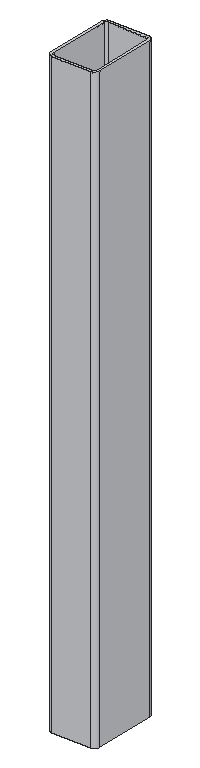
Revit family "StructuralColumns_BoxProfile", category Structural Columns, Revit 2018
Family settings
  Section Shape = Rectangular HSS
  Material for Model Behavior = Steel
  Always export as geometry = No
  Beam cutback in plan = From bounding box
  Cut with Voids When Loaded = No
  Symbolic Representation = From Project Settings
  Shared = No
  Show family pre-cut in plan views = Yes
Parameters (values of type "BoxProfile")
  Width = 200 mm
  Wall Nominal Thickness = 10 mm
  Structural Material [instance] = none
  Outer Fillet = 20 mm
  Inner Fillet = 10 mm
  Height = 300 mm
  Assembly Code = ""
Reference planes
  plane 1 "Center (Front/Back)": y = 0
  plane 2: z = 0
  plane 3 "Center (Left/Right)": x = 0
  plane 4: x = -100
  plane 5: x = 100
  plane 6: y = 150
  plane 7: y = -150
Forms (mm)
  Extrusion 1, solid, material <- "Structural Material", detail levels medium
    sketch origin (0, 0, 0) x (1, 0, 0) y (0, 1, 0)
      loop
        line (-100, 150) -> (-100, -150) -> (100, -150) -> (100, 150) -> (-100, 150)
      loop
        line (-90, 140) -> (-90, -140) -> (90, -140) -> (90, 140) -> (-90, 140)
    from 0 to 2500
  Extrusion 2, solid, material <- "Structural Material", detail levels fine
    sketch origin (0, 0, 0) x (1, 0, 0) y (0, 1, 0)
      loop
        arc (-80, 150) -> (-94.142, 144.142) -> (-100, 130) r 20
        line (-100, 130) -> (-100, -130)
        arc (-100, -130) -> (-94.142, -144.142) -> (-80, -150) r 20
        line (-80, -150) -> (80, -150)
        arc (80, -150) -> (94.142, -144.142) -> (100, -130) r 20
        line (100, -130) -> (100, 130)
        arc (100, 130) -> (94.142, 144.142) -> (80, 150) r 20
        line (80, 150) -> (-80, 150)
      loop
        arc (-80, 140) -> (-87.071, 137.071) -> (-90, 130) r 10
        line (-90, 130) -> (-90, -130)
        arc (-90, -130) -> (-87.071, -137.071) -> (-80, -140) r 10
        line (-80, -140) -> (80, -140)
        arc (80, -140) -> (87.071, -137.071) -> (90, -130) r 10
        line (90, -130) -> (90, 130)
        arc (90, 130) -> (87.071, 137.071) -> (80, 140) r 10
        line (80, 140) -> (-80, 140)
    from 0 to 2500
Lines and regions (mm)
  symbolic lines, style "StructuralColumnStickSymbols", detail levels coarse
    curve 1: line (-100, 150, 0) -> (100, 150, 0)
    curve 2: line (-100, -150, 0) -> (100, -150, 0)
    curve 5: line (-100, 150, 0) -> (-100, -150, 0)
    curve 6: line (100, 150, 0) -> (100, -150, 0)
  symbolic lines, style "Hidden Faces", detail levels medium+fine
    curve 3: line (-90, 0, 0) -> (-90, 0, 2500)
    curve 4: line (90, 0, 2500) -> (90, 0, 0)
  model lines, style "Hidden Faces", detail levels medium+fine
    curve 7: line (0, -140, 2500) -> (0, -140, 0)
    curve 8: line (0, 140, 2500) -> (0, 140, 0)
Dimensions and locks
  equal spacing: plane 4, plane 3 "Center (Left/Right)", plane 5
  equal spacing: plane 7, plane 1 "Center (Front/Back)", plane 6
  "Height": plane 7 to plane 6
  "Width": plane 4 to plane 5
  "Wall Nominal Thickness": Extrusion 1 sketch curve to plane 5
  "Wall Nominal Thickness": plane 4 to Extrusion 1 sketch curve
  "Wall Nominal Thickness": Extrusion 1 sketch curve to plane 6
  "Wall Nominal Thickness": Extrusion 1 sketch curve to plane 7
  "Wall Nominal Thickness": Extrusion 2 sketch curve to plane 6
  "Wall Nominal Thickness": Extrusion 2 sketch curve to plane 5
  "Wall Nominal Thickness": plane 4 to Extrusion 2 sketch curve
  "Wall Nominal Thickness": Extrusion 2 sketch curve to plane 7
  "Inner Fillet": radius of Extrusion 2 sketch curve  (x4)
  "Outer Fillet": radius of Extrusion 2 sketch curve  (x4)
  aligned and locked: plane 6 to Extrusion 1 sketch curve
  aligned and locked: Extrusion 1 sketch curve to plane 7
  aligned and locked: Extrusion 1 sketch curve to plane 4
  aligned and locked: plane 5 to Extrusion 1 sketch curve
  aligned and locked: level to Extrusion 1
  aligned and locked: level to plane 2
  aligned and locked: Extrusion 1 to plane 2
  aligned and locked: Extrusion 2 sketch curve to Extrusion 1
  aligned and locked: level to Extrusion 2
  aligned and locked: curve 4 to Extrusion 2
  aligned and locked: Extrusion 2 to curve 3
  aligned and locked: level to curve 4
  aligned and locked: level to curve 3  (x2)
  aligned and locked: plane 2 to curve 4
  aligned and locked: level to curve 7  (x2)
  aligned and locked: level to curve 8  (x2)
  aligned and locked: curve 8 to Extrusion 1
  aligned and locked: curve 7 to Extrusion 1
  aligned and locked: Extrusion 2 to level
  aligned and locked: Extrusion 2 sketch curve to plane 4
  aligned and locked: Extrusion 2 sketch curve to plane 7
  aligned and locked: plane 6 to Extrusion 2 sketch curve
Automatic sketch dimensions
  curve 5 to plane 4 = 0 mm
  curve 2 to plane 5 = 0 mm
  curve 5 to plane 7 = 0 mm
  curve 5 to plane 6 = 0 mm
